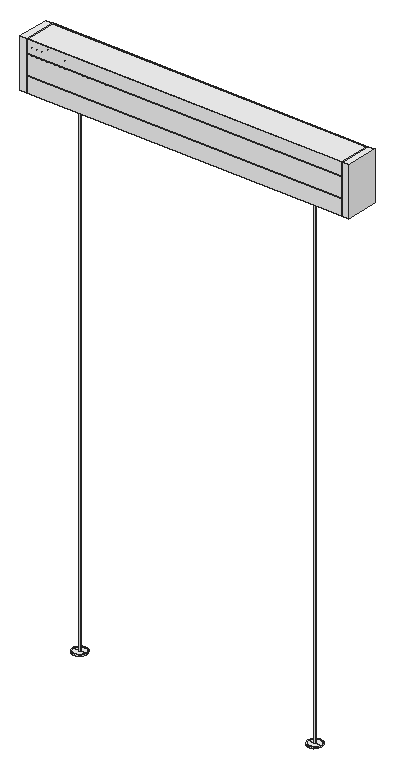
Revit family "2.3 inch  MAGIC WALL WASH LINEAR LIGHT", category Lighting Fixtures, host Face, Revit 2020 (continued)
Types (17): name | Wattage Comments | Wattage | Wall Mount | Suspenders Distance | Surface Mount | Recessed Mount | Photometric Web File | Pendent Mount | Order number | built-in parameter 1150142 | Model | built-in parameter 1150105 | Lumens | Light Source Height | Light Source Distance | built-in parameter 1150106 | Fixture Length
    5.52   774.35   \r\n 763.27   752.28   741.36   730.48   719.70   709.01   698.44   688.08   677.81   667.65   \r\n 657.58   647.74   638.05   628.45   618.92   609.47   600.14   590.90   581.73   572.65   \r\n 563.70   554.97   545.42   535.45   525.55   515.70   505.85   496.08   486.39   476.76   \r\n 467.22   457.87   448.57   439.34   430.17   421.06   412.03   403.07   394.18   385.35   \r\n 376.59   367.90   359.28   350.74   342.24   333.80   325.40   317.06   308.76   300.48   \r\n 292.41   284.47   276.58   268.73   260.93   253.18   245.50   237.86   230.27   222.71   \r\n 215.19   207.71   200.27   192.87   185.50   178.16   170.86   163.58   156.34   149.12   \r\n 141.94   134.78   127.64   120.53   113.45   106.39   101.50   97.30    93.12    88.96    \r\n 84.81    80.68    76.57    72.46    68.38    64.30    60.23    56.18    52.13    48.10    \r\n 44.07    40.05    36.04    32.03    28.03    24.04    20.04    16.06    12.07    8.08     \r\n 4.10     4.10     4.10     4.10     4.10     4.10     4.10     4.10     4.10     4.10     \r\n 4.10     4.10     4.10     4.10     4.10     4.10     4.10     4.10     4.10     4.10     \r\n 4.10     4.10     4.10     4.10     4.09     4.09     4.09     4.09     4.10     4.10     \r\n 4.10     4.09     4.09     4.09     4.09     4.08     4.08     4.07     4.06     4.06     \r\n 4.05     4.04     4.03     4.02     4.00     3.99     3.98     3.96     3.95     3.93     \r\n 3.91     3.90     3.89     3.89     3.88     3.88     3.88     3.88     3.88     3.88     \r\n 3.88     3.89     3.89     3.90     3.92     3.94     3.96     3.98     4.01     4.03     \r\n 4.06     4.10     4.14     4.19     4.23     4.27     4.32     4.37     4.41     4.47     \r\n 4.54     4.60     4.67     4.74     4.82     4.89     4.97     5.05     5.13     5.21     \r\n 5.30     5.37     5.45     5.53     5.61     5.68     5.75     5.81     5.88     5.94     \r\n 6.01     6.07     6.13     6.19     6.24     6.29     6.34     6.38     6.43     6.48     \r\n 6.50     6.48     6.46     6.44     6.42     6.40     6.38     6.36     6.34     6.32     \r\n 6.30     6.28     6.25     6.23     6.20     6.17     6.15     6.11     6.08     6.05     \r\n 6.01     5.98     5.95     5.93     5.90     5.86     5.83     5.79     5.76     5.73     \r\n 5.70     5.67     5.62     5.57     5.53     5.48     5.44     5.40     5.36     5.32     \r\n 5.28     5.24     5.20     5.17     5.13     5.09     5.05     5.02     4.98     4.95     \r\n 4.91     4.88     4.85     4.81     4.78     4.75     4.72     4.68     4.65     4.62     \r\n 4.59     4.56     4.53     4.50     4.47     4.44     4.41     4.37     4.34     4.30     \r\n 4.26     \r\n1793.11  1783.38  1773.66  1763.94  1754.22  1743.89  1733.57  1723.26  1712.96  1702.78  \r\n 1692.61  1682.45  1672.30  1661.85  1651.37  1640.89  1630.39  1619.84  1609.27  1598.69  \r\n 1588.10  1577.10  1566.09  1555.08  1544.10  1533.06  1522.06  1511.10  1500.19  1488.85  \r\n 1477.42  1466.01  1454.64  1443.23  1431.81  1417.88  1402.41  1386.68  1370.75  1354.91  \r\n 1339.17  1323.55  1308.06  1292.68  1277.40  1262.23  1247.24  1232.36  1217.60  1202.95  \r\n 1188.41  1173.98  1159.68  1145.51  1131.58  1117.86  1104.25  1090.74  1077.39  1064.53  \r\n 1051.79  1039.18  1026.70  1014.13  1001.55  989.07   976.69   964.51   952.16   939.12   \r\n 926.19   913.36   900.57   887.82   875.20   862.69   850.31   838.27   826.46   814.74   \r\n 803.12   791.59   780.17   768.89   757.73   746.70   735.79   725.04   714.41   703.88   \r\n 693.45   683.12   673.01   663.14   653.36   643.65   634.03   624.49   614.94   604.32   \r\n 593.48   582.72   572.04   561.48   551.08   540.76   530.52   520.35   510.25   500.24   \r\n 490.38   480.59   470.86   461.21   451.62   442.10   432.65   423.26   413.94   404.67   \r\n 395.46   386.32   377.23   368.23   359.32   350.45   341.63   332.90   324.48   316.10   \r\n 307.75   299.44   291.15   282.90   274.70   266.54   258.42   250.35   242.31   234.32   \r\n 226.37   218.45   210.57   202.73   194.91   187.13   179.37   171.65   163.95   156.28   \r\n 148.63   141.01   133.42   125.85   118.69   114.14   109.60   105.08   100.57   96.08    \r\n 91.60    87.14    82.68    78.24    73.82    69.40    64.99    60.59    56.20    51.82    \r\n 47.44    43.08    38.72    34.36    30.01    25.66    21.32    16.98    12.64    8.30     \r\n 3.96     3.96     3.96     3.96     3.96     3.96     3.96     3.96     3.96     3.96     \r\n 3.96     3.96     3.96     3.96     3.96     3.96     3.95     3.95     3.95     3.95     \r\n 3.95     3.94     3.94     3.94     3.93     3.93     3.92     3.91     3.89     3.87     \r\n 3.85     3.83     3.81     3.79     3.77     3.75     3.73     3.70     3.68     3.65     \r\n 3.62     3.60     3.58     3.56     3.54     3.52     3.50     3.49     3.47     3.45     \r\n 3.43     3.41     3.39     3.38     3.41     3.45     3.49     3.53     3.57     3.61     \r\n 3.65     3.69     3.73     3.77     3.81     3.85     3.90     3.94     3.98     4.03     \r\n 4.07     4.12     4.17     4.22     4.27     4.32     4.37     4.43     4.48     4.54     \r\n 4.59     4.65     4.71     4.79     4.86     4.93     5.00     5.08     5.15     5.21     \r\n 5.28     5.34     5.40     5.46     5.52     5.58     5.64     5.70     5.76     5.82     \r\n 5.88     5.94     5.99     6.05     6.10     6.16     6.22     6.27     6.32     6.36     \r\n 6.40     6.43     6.47     6.48     6.46     6.43     6.41     6.39     6.36     6.33     \r\n 6.30     6.26     6.23     6.20     6.17     6.15     6.12     6.08     6.04     6.00     \r\n 5.97     5.93     5.90     5.86     5.83     5.80     5.76     5.72     5.67     5.63     \r\n 5.59     5.55     5.50     5.46     5.42     5.37     5.33     5.29     5.25     5.22     \r\n 5.18     5.15     5.11     5.08     5.04     5.01     4.98     4.95     4.92     4.89     \r\n 4.86     4.82     4.79     4.76     4.73     4.70     4.68     4.65     4.62     4.59     \r\n 4.56     4.54     4.51     4.48     4.45     4.42     4.40     4.36     4.33     4.29     \r\n 4.26     \r\n1793.11  1784.37  1775.63  1766.89  1758.16  1749.29  1740.05  1730.82  1721.59  1712.38  \r\n 1703.22  1694.11  1685.02  1675.94  1666.88  1657.58  1648.21  1638.83  1629.44  1620.04  \r\n 1610.60  1601.14  1591.68  1582.20  1572.66  1562.87  1553.09  1543.33  1533.59  1523.86  \r\n 1514.16  1504.51  1494.90  1485.07  1470.87  1456.43  1442.05  1427.72  1413.44  1399.18  \r\n 1384.94  1370.76  1356.63  1342.57  1328.34  1314.01  1299.76  1285.60  1271.52  1257.57  \r\n 1243.74  1230.01  1216.37  1202.82  1189.40  1176.16  1163.03  1149.99  1137.05  1124.22  \r\n 1111.53  1098.95  1086.47  1074.11  1061.85  1049.75  1035.36  1021.10  1006.98  993.00   \r\n 979.22   965.88   952.66   939.55   926.56   913.68   900.85   888.08   875.46   862.98   \r\n 850.64   838.45   826.64   815.09   803.63   792.26   780.97   769.77   758.66   747.66   \r\n 736.76   725.96   715.25   704.63   694.12   683.78   673.00   661.40   649.90   638.47   \r\n 627.14   615.92   604.93   594.00   583.14   572.35   561.63   550.97   540.38   529.83   \r\n 519.35   508.95   498.61   488.34   478.15   468.02   457.96   448.01   438.11   428.27   \r\n 418.49   408.75   399.07   389.44   379.86   370.45   361.47   352.53   343.63   334.77   \r\n 325.95   317.16   308.42   299.71   291.04   282.41   273.82   265.26   256.74   248.25   \r\n 239.80   231.37   222.98   214.61   206.28   197.97   189.69   181.44   173.21   165.02   \r\n 156.84   148.69   140.56   133.40   128.47   123.56   118.65   113.77   108.89   104.03   \r\n 99.18    94.34    89.51    84.70    79.89    75.09    70.30    65.52    60.74    55.97    \r\n 51.21    46.46    41.71    36.96    32.22    27.48    22.75    18.01    13.28    8.55     \r\n 3.82     3.82     3.82     3.82     3.82     3.82     3.82     3.82     3.81     3.81     \r\n 3.81     3.81     3.81     3.80     3.80     3.80     3.80     3.79     3.79     3.79     \r\n 3.78     3.78     3.77     3.77     3.77     3.76     3.75     3.75     3.73     3.72     \r\n 3.70     3.68     3.67     3.65     3.64     3.62     3.61     3.59     3.58     3.57     \r\n 3.55     3.54     3.53     3.51     3.50     3.49     3.47     3.46     3.45     3.44     \r\n 3.43     3.42     3.41     3.40     3.39     3.38     3.42     3.46     3.51     3.56     \r\n 3.61     3.66     3.71     3.76     3.81     3.87     3.92     3.97     4.03     4.08     \r\n 4.13     4.19     4.24     4.30     4.36     4.42     4.47     4.53     4.59     4.65     \r\n 4.72     4.78     4.85     4.92     5.00     5.07     5.14     5.22     5.30     5.38     \r\n 5.46     5.54     5.61     5.68     5.74     5.80     5.87     5.92     5.98     6.02     \r\n 6.06     6.10     6.13     6.16     6.20     6.22     6.25     6.27     6.29     6.30     \r\n 6.32     6.34     6.36     6.37     6.39     6.40     6.37     6.33     6.28     6.24     \r\n 6.20     6.16     6.13     6.09     6.05     6.02     5.98     5.95     5.92     5.88     \r\n 5.85     5.81     5.78     5.74     5.70     5.66     5.63     5.58     5.54     5.50     \r\n 5.46     5.41     5.37     5.33     5.29     5.25     5.20     5.16     5.13     5.10     \r\n 5.07     5.04     5.01     4.98     4.96     4.93     4.90     4.87     4.84     4.82     \r\n 4.79     4.76     4.73     4.71     4.68     4.66     4.63     4.61     4.58     4.56     \r\n 4.53     4.51     4.48     4.46     4.43     4.41     4.38     4.35     4.32     4.29     \r\n 4.26     \r\n1793.11  1785.42  1777.73  1770.05  1762.37  1754.69  1746.95  1738.86  1730.78  1722.71  \r\n 1714.64  1706.59  1698.56  1690.60  1682.65  1674.71  1666.78  1658.86  1650.85  1642.66  \r\n 1634.46  1626.26  1618.05  1609.83  1601.60  1593.33  1585.07  1576.80  1568.52  1560.24  \r\n 1551.86  1543.40  1534.17  1521.14  1508.15  1495.19  1482.28  1469.44  1456.64  1443.88  \r\n 1431.17  1418.49  1405.75  1392.74  1379.78  1366.87  1354.00  1341.18  1328.40  1315.65  \r\n 1302.94  1290.29  1277.68  1265.13  1252.63  1240.07  1227.49  1214.99  1202.55  1190.18  \r\n 1177.89  1165.66  1153.61  1141.63  1127.37  1112.85  1098.44  1084.14  1069.97  1056.03  \r\n 1042.20  1028.49  1014.88  1001.38  987.99   974.71   961.54   948.47   935.50   922.63   \r\n 909.85   897.18   884.60   872.23   860.01   847.89   835.88   823.97   812.17   800.46   \r\n 788.86   777.46   766.15   754.93   743.18   730.74   718.38   706.11   693.92   681.89   \r\n 669.96   658.10   646.32   634.60   622.96   611.40   599.90   588.47   577.14   565.91   \r\n 554.74   543.65   532.62   521.66   510.77   499.94   489.18   478.48   467.82   457.19   \r\n 446.61   436.09   425.62   415.21   405.49   395.84   386.24   376.68   367.16   357.69   \r\n 348.29   338.93   329.60   320.31   311.05   301.82   292.63   283.46   274.32   265.21   \r\n 256.13   247.08   238.06   229.06   220.09   211.15   202.24   193.35   184.48   175.64   \r\n 166.82   158.01   150.14   144.79   139.45   134.12   128.81   123.51   118.22   112.94   \r\n 107.67   102.41   97.15    91.91    86.68    81.45    76.23    71.02    65.82    60.62    \r\n 55.42    50.23    45.05    39.87    34.69    29.51    24.34    19.17    14.00    8.84     \r\n 3.67     3.66     3.66     3.65     3.64     3.64     3.63     3.62     3.62     3.61     \r\n 3.60     3.59     3.59     3.58     3.57     3.56     3.55     3.55     3.54     3.53     \r\n 3.52     3.51     3.50     3.49     3.48     3.47     3.45     3.44     3.43     3.43     \r\n 3.42     3.42     3.42     3.41     3.41     3.41     3.41     3.41     3.41     3.41     \r\n 3.41     3.41     3.41     3.42     3.42     3.42     3.43     3.43     3.43     3.44     \r\n 3.45     3.45     3.46     3.47     3.48     3.49     3.50     3.51     3.57     3.64     \r\n 3.70     3.77     3.84     3.91     3.98     4.05     4.12     4.20     4.27     4.35     \r\n 4.43     4.51     4.60     4.68     4.75     4.83     4.91     4.99     5.06     5.14     \r\n 5.22     5.30     5.38     5.46     5.53     5.61     5.68     5.73     5.76     5.79     \r\n 5.82     5.84     5.87     5.89     5.91     5.94     5.96     5.98     6.00     6.03     \r\n 6.05     6.07     6.09     6.10     6.11     6.12     6.13     6.13     6.13     6.14     \r\n 6.13     6.13     6.13     6.13     6.13     6.13     6.13     6.12     6.10     6.07     \r\n 6.04     6.01     5.97     5.94     5.91     5.88     5.84     5.80     5.76     5.72     \r\n 5.68     5.64     5.60     5.56     5.53     5.49     5.45     5.41     5.37     5.33     \r\n 5.30     5.26     5.22     5.18     5.15     5.11     5.08     5.05     5.01     4.99     \r\n 4.96     4.94     4.91     4.89     4.86     4.84     4.81     4.79     4.77     4.74     \r\n 4.72     4.70     4.67     4.65     4.63     4.61     4.58     4.56     4.54     4.52     \r\n 4.50     4.47     4.45     4.43     4.41     4.38     4.36     4.33     4.31     4.29     \r\n 4.26     \r\n1793.11  1786.53  1779.95  1773.38  1766.81  1760.24  1753.67  1747.10  1740.45  1733.58  \r\n 1726.72  1719.87  1713.02  1706.17  1699.34  1692.51  1685.72  1678.97  1672.23  1665.50  \r\n 1658.78  1652.07  1645.37  1638.68  1631.83  1624.88  1617.94  1610.99  1604.04  1597.08  \r\n 1590.13  1583.17  1571.35  1559.51  1547.71  1535.95  1524.21  1512.52  1500.85  1489.22  \r\n 1477.53  1465.81  1454.12  1442.46  1430.83  1419.22  1407.65  1396.10  1384.61  1373.19  \r\n 1361.80  1350.44  1339.12  1327.83  1316.58  1305.36  1294.17  1282.80  1271.41  1260.06  \r\n 1248.75  1237.47  1225.39  1211.03  1196.76  1182.56  1168.44  1154.41  1140.46  1126.59  \r\n 1112.80  1099.09  1085.46  1071.91  1058.44  1044.98  1031.57  1018.24  1004.98  991.80   \r\n 978.70   965.67   952.72   939.84   927.04   914.38   901.83   889.36   876.96   864.63   \r\n 852.38   840.20   828.07   814.59   801.19   787.87   774.75   761.70   748.72   735.81   \r\n 722.97   710.20   697.49   684.86   672.29   659.78   647.34   634.97   622.63   610.36   \r\n 598.16   586.02   573.94   561.92   549.96   538.07   526.23   514.45   502.72   491.06   \r\n 479.44   467.91   456.79   446.48   436.20   425.96   415.75   405.57   395.43   385.31   \r\n 375.22   365.17   355.14   345.14   335.17   325.23   315.31   305.42   295.56   285.72   \r\n 275.91   266.12   256.36   246.61   236.89   227.18   217.50   207.83   198.18   188.55   \r\n 178.94   169.43   163.60   157.78   151.97   146.17   140.39   134.61   128.84   123.08   \r\n 117.33   111.59   105.86   100.13   94.41    88.70    82.99    77.29    71.59    65.90    \r\n 60.21    54.53    48.85    43.18    37.50    31.83    26.16    20.50    14.83    9.17     \r\n 3.50     3.48     3.46     3.44     3.42     3.40     3.38     3.36     3.34     3.32     \r\n 3.30     3.27     3.25     3.23     3.21     3.18     3.16     3.13     3.11     3.08     \r\n 3.06     3.03     3.01     2.98     2.95     2.92     2.89     2.86     2.83     2.80     \r\n 2.82     2.84     2.86     2.88     2.90     2.93     2.95     2.97     3.00     3.02     \r\n 3.05     3.08     3.11     3.14     3.18     3.22     3.25     3.29     3.33     3.36     \r\n 3.40     3.44     3.48     3.52     3.56     3.60     3.63     3.67     3.71     3.78     \r\n 3.85     3.93     4.00     4.08     4.15     4.23     4.30     4.38     4.46     4.53     \r\n 4.61     4.69     4.76     4.84     4.92     4.99     5.06     5.13     5.20     5.28     \r\n 5.35     5.42     5.49     5.56     5.63     5.70     5.77     5.84     5.91     5.92     \r\n 5.93     5.93     5.94     5.95     5.95     5.96     5.96     5.96     5.96     5.96     \r\n 5.96     5.96     5.96     5.96     5.96     5.96     5.95     5.95     5.94     5.93     \r\n 5.92     5.92     5.91     5.90     5.89     5.88     5.88     5.87     5.86     5.83     \r\n 5.80     5.76     5.73     5.69     5.66     5.62     5.59     5.55     5.52     5.48     \r\n 5.45     5.42     5.38     5.35     5.32     5.29     5.26     5.23     5.20     5.17     \r\n 5.14     5.11     5.08     5.05     5.02     4.98     4.95     4.92     4.89     4.86     \r\n 4.84     4.82     4.80     4.78     4.76     4.74     4.72     4.70     4.68     4.66     \r\n 4.64     4.62     4.61     4.59     4.57     4.55     4.53     4.51     4.49     4.47     \r\n 4.46     4.44     4.42     4.40   
      4.38     4.36     4.34     4.32     4.30     4.28     \r\n 4.26     \r\n1793.11  1787.69  1782.28  1776.86  1771.45  1766.03  1760.62  1755.22  1749.81  1744.40  \r\n 1739.00  1733.60  1728.11  1722.51  1716.92  1711.34  1705.76  1700.18  1694.61  1689.05  \r\n 1683.49  1677.94  1672.40  1666.86  1661.37  1655.89  1650.42  1644.96  1639.50  1634.06  \r\n 1628.62  1620.31  1609.73  1599.16  1588.61  1578.08  1567.40  1556.73  1546.10  1535.49  \r\n 1524.92  1514.37  1503.85  1493.36  1482.90  1472.47  1462.07  1451.70  1441.32  1430.94  \r\n 1420.59  1410.27  1399.97  1389.69  1379.45  1369.22  1359.02  1348.85  1338.70  1328.58  \r\n 1318.49  1307.43  1293.54  1279.71  1265.93  1252.21  1238.53  1224.91  1211.34  1197.82  \r\n 1184.36  1170.94  1157.58  1144.26  1131.00  1117.81  1104.66  1091.55  1078.49  1065.48  \r\n 1052.51  1039.59  1026.70  1013.87  1001.07  988.32   975.61   962.95   950.33   937.74   \r\n 925.16   912.41   898.23   884.11   870.03   856.01   842.04   828.12   814.25   800.42   \r\n 786.65   772.93   759.25   745.62   732.04   718.51   705.02   691.58   678.18   664.84   \r\n 651.53   638.27   625.05   611.88   598.74   585.65   572.60   559.58   546.61   533.67   \r\n 520.77   508.30   497.09   485.90   474.75   463.62   452.53   441.46   430.42   419.41   \r\n 408.45   397.50   386.58   375.68   364.80   353.95   343.12   332.30   321.51   310.74   \r\n 299.99   289.26   278.54   267.84   257.17   246.50   235.86   225.23   214.61   204.01   \r\n 193.43   185.23   178.88   172.53   166.19   159.86   153.54   147.22   140.92   134.61   \r\n 128.32   122.03   115.75   109.47   103.20   96.93    90.67    84.41    78.15    71.90    \r\n 65.65    59.41    53.17    46.93    40.69    34.45    28.22    21.99    15.75    9.52     \r\n 3.29     3.27     3.25     3.23     3.21     3.20     3.18     3.16     3.14     3.12     \r\n 3.10     3.08     3.06     3.04     3.02     3.00     2.99     2.97     2.95     2.93     \r\n 2.91     2.89     2.87     2.86     2.84     2.82     2.80     2.78     2.77     2.75     \r\n 2.76     2.81     2.86     2.92     2.97     3.02     3.07     3.13     3.18     3.23     \r\n 3.29     3.34     3.40     3.45     3.51     3.56     3.62     3.68     3.73     3.79     \r\n 3.85     3.91     3.97     4.02     4.07     4.13     4.18     4.23     4.29     4.34     \r\n 4.39     4.44     4.48     4.53     4.58     4.63     4.67     4.72     4.76     4.81     \r\n 4.85     4.90     4.94     4.99     5.03     5.08     5.12     5.17     5.22     5.26     \r\n 5.31     5.36     5.40     5.45     5.50     5.54     5.59     5.64     5.68     5.73     \r\n 5.74     5.74     5.74     5.74     5.74     5.73     5.73     5.73     5.73     5.72     \r\n 5.72     5.71     5.70     5.70     5.69     5.68     5.67     5.66     5.65     5.64     \r\n 5.63     5.62     5.61     5.60     5.59     5.58     5.56     5.55     5.54     5.53     \r\n 5.51     5.48     5.45     5.43     5.40     5.37     5.35     5.32     5.29     5.27     \r\n 5.24     5.21     5.19     5.16     5.13     5.11     5.08     5.05     5.03     5.00     \r\n 4.97     4.95     4.92     4.89     4.87     4.84     4.81     4.79     4.76     4.74     \r\n 4.71     4.70     4.68     4.67     4.65     4.64     4.62     4.61     4.59     4.58     \r\n 4.56     4.54     4.53     4.51     4.50     4.48     4.47     4.46     4.44     4.43     \r\n 4.41     4.40     4.38     4.36     4.35     4.33     4.32     4.30     4.29     4.28     \r\n 4.26     \r\n1793.11  1788.89  1784.68  1780.47  1776.25  1772.04  1767.83  1763.62  1759.41  1755.20  \r\n 1750.99  1746.79  1742.58  1738.38  1734.18  1729.98  1725.78  1721.58  1717.39  1713.19  \r\n 1709.00  1704.82  1700.63  1696.45  1692.18  1687.91  1683.64  1679.38  1675.12  1670.86  \r\n 1666.61  1657.64  1648.09  1638.56  1629.04  1619.54  1610.05  1600.57  1591.10  1581.65  \r\n 1572.21  1562.78  1553.37  1543.96  1534.58  1525.20  1515.84  1506.49  1497.14  1487.79  \r\n 1478.45  1469.12  1459.80  1450.49  1441.19  1431.89  1422.61  1413.33  1404.07  1394.81  \r\n 1385.56  1373.15  1360.02  1346.91  1333.81  1320.74  1307.68  1294.65  1281.63  1268.63  \r\n 1255.65  1242.68  1229.74  1216.82  1203.91  1191.02  1178.14  1165.29  1152.45  1139.63  \r\n 1126.83  1114.05  1101.29  1088.54  1075.81  1063.10  1050.40  1037.73  1025.07  1012.42  \r\n 999.80   985.58   970.93   956.30   941.70   927.12   912.57   898.03   883.52   869.04   \r\n 854.57   840.13   825.71   811.31   796.93   782.58   768.24   753.91   739.60   725.30   \r\n 711.04   696.79   682.57   668.37   654.20   640.04   625.91   611.80   597.70   583.63   \r\n 569.58   557.07   544.93   532.81   520.70   508.61   496.53   484.47   472.43   460.40   \r\n 448.38   436.38   424.40   412.42   400.46   388.52   376.59   364.67   352.76   340.86   \r\n 328.98   317.11   305.25   293.39   281.55   269.72   257.90   246.09   234.29   222.50   \r\n 210.72   203.24   196.30   189.36   182.43   175.50   168.58   161.65   154.74   147.82   \r\n 140.91   134.00   127.09   120.19   113.29   106.39   99.50    92.61    85.71    78.82    \r\n 71.94    65.05    58.17    51.28    44.40    37.52    30.64    23.76    16.88    10.00    \r\n 3.12     3.11     3.11     3.11     3.10     3.10     3.10     3.09     3.09     3.09     \r\n 3.08     3.08     3.07     3.07     3.07     3.06     3.06     3.06     3.05     3.05     \r\n 3.05     3.04     3.04     3.04     3.04     3.03     3.03     3.03     3.03     3.02     \r\n 3.03     3.08     3.13     3.19     3.24     3.29     3.35     3.40     3.45     3.51     \r\n 3.56     3.61     3.67     3.72     3.77     3.83     3.88     3.93     3.98     4.04     \r\n 4.09     4.14     4.19     4.25     4.30     4.35     4.40     4.46     4.51     4.56     \r\n 4.61     4.64     4.67     4.71     4.74     4.77     4.80     4.83     4.87     4.90     \r\n 4.93     4.96     4.99     5.02     5.05     5.09     5.12     5.15     5.18     5.21     \r\n 5.24     5.27     5.29     5.32     5.35     5.38     5.41     5.44     5.46     5.49     \r\n 5.51     5.50     5.50     5.49     5.48     5.47     5.46     5.45     5.44     5.43     \r\n 5.43     5.42     5.41     5.40     5.39     5.38     5.37     5.36     5.35     5.34     \r\n 5.33     5.32     5.31     5.30     5.29     5.28     5.26     5.25     5.24     5.23     \r\n 5.22     5.20     5.18     5.15     5.13     5.11     5.09     5.07     5.04     5.02     \r\n 5.00     4.98     4.96     4.94     4.91     4.89     4.87     4.85     4.83     4.81     \r\n 4.78     4.76     4.74     4.72     4.70     4.67     4.65     4.63     4.61     4.59     \r\n 4.57     4.56     4.54     4.53     4.52     4.51     4.50     4.49     4.48     4.47     \r\n 4.46     4.45     4.44     4.43     4.42     4.41     4.40     4.39     4.38     4.37     \r\n 4.36     4.35     4.34     4.33     4.32     4.31     4.30     4.29     4.28     4.27     \r\n 4.26     \r\n1793.11  1790.13  1787.15  1784.17  1781.19  1778.20  1775.22  1772.24  1769.26  1766.28  \r\n 1763.30  1760.32  1757.34  1754.36  1751.38  1748.40  1745.42  1742.44  1739.46  1736.48  \r\n 1733.49  1730.51  1727.53  1724.55  1721.57  1718.59  1715.61  1712.63  1709.65  1706.67  \r\n 1703.69  1695.24  1686.79  1678.34  1669.89  1661.44  1652.99  1644.54  1636.08  1627.63  \r\n 1619.18  1610.73  1602.28  1593.83  1585.38  1576.93  1568.48  1560.03  1551.58  1543.13  \r\n 1534.68  1526.23  1517.78  1509.33  1500.88  1492.43  1483.98  1475.53  1467.08  1458.63  \r\n 1450.18  1437.66  1425.14  1412.62  1400.10  1387.59  1375.07  1362.55  1350.03  1337.51  \r\n 1324.99  1312.47  1299.96  1287.44  1274.92  1262.40  1249.88  1237.36  1224.85  1212.33  \r\n 1199.81  1187.29  1174.77  1162.25  1149.73  1137.22  1124.70  1112.18  1099.66  1087.14  \r\n 1074.62  1059.58  1044.53  1029.48  1014.43  999.38   984.34   969.29   954.24   939.19   \r\n 924.15   909.10   894.05   879.00   863.95   848.91   833.86   818.81   803.76   788.72   \r\n 773.67   758.62   743.57   728.52   713.48   698.43   683.38   668.33   653.28   638.24   \r\n 623.19   610.10   597.01   583.92   570.83   557.75   544.66   531.57   518.48   505.39   \r\n 492.30   479.21   466.12   453.03   439.95   426.86   413.77   400.68   387.59   374.50   \r\n 361.41   348.32   335.24   322.15   309.06   295.97   282.88   269.79   256.70   243.61   \r\n 230.53   222.94   215.36   207.77   200.19   192.60   185.02   177.43   169.85   162.26   \r\n 154.68   147.09   139.51   131.92   124.34   116.75   109.17   101.58   94.00    86.41    \r\n 78.83    71.24    63.66    56.07    48.49    40.91    33.32    25.74    18.15    10.57    \r\n 2.98     2.99     3.01     3.02     3.03     3.04     3.06     3.07     3.08     3.09     \r\n 3.11     3.12     3.13     3.14     3.16     3.17     3.18     3.19     3.21     3.22     \r\n 3.23     3.24     3.26     3.27     3.28     3.29     3.31     3.32     3.33     3.34     \r\n 3.36     3.40     3.44     3.47     3.51     3.55     3.59     3.63     3.67     3.71     \r\n 3.75     3.79     3.83     3.87     3.91     3.95     3.99     4.03     4.06     4.10     \r\n 4.14     4.18     4.22     4.26     4.30     4.34     4.38     4.42     4.46     4.50     \r\n 4.54     4.56     4.58     4.60     4.62     4.64     4.66     4.69     4.71     4.73     \r\n 4.75     4.77     4.79     4.81     4.83     4.86     4.88     4.90     4.92     4.94     \r\n 4.96     4.98     5.00     5.03     5.05     5.07     5.09     5.11     5.13     5.15     \r\n 5.17     5.16     5.16     5.15     5.14     5.13     5.12     5.11     5.10     5.10     \r\n 5.09     5.08     5.07     5.06     5.05     5.04     5.04     5.03     5.02     5.01     \r\n 5.00     4.99     4.98     4.97     4.97     4.96     4.95     4.94     4.93     4.92     \r\n 4.91     4.90     4.88     4.86     4.84     4.83     4.81     4.79     4.77     4.76     \r\n 4.74     4.72     4.70     4.69     4.67     4.65     4.63     4.62     4.60     4.58     \r\n 4.56     4.55     4.53     4.51     4.49     4.48     4.46     4.44     4.42     4.41     \r\n 4.39     4.39     4.38     4.38     4.37     4.37     4.36     4.36     4.36     4.35     \r\n 4.35     4.34     4.34     4.33     4.33     4.33     4.32     4.32     4.31     4.31     \r\n 4.30     4.30     4.30     4.29     4.29     4.28     4.28     4.27     4.27     4.27     \r\n 4.26     \r\n" | "MAG1223-SW1-WM-WID-FDL" | 366.06 (stored number, unit not read) | 4600 lm | 0' - 1 1/2" | 0' - 3" | 3.6606 (stored number, unit not read) | 3' - 11 23/32"
  MAG2423-SW1-WM-WID-FDL | "40W/60W/80W" | 61.9354 W | yes | 7' - 4 133/256" | no | no | "generic" | no | "18369" | (empty or 0) | "MAG2423-SW1-WM-WID-FDL" | 732.11 (stored number, unit not read) | 9200 lm | 0' - 1 1/2" | 0' - 3" | 7.3211 (stored number, unit not read) | 7' - 11 61/256"
  MAG0623-SW1-RSM-WD-FDL | "10W/15W/20W" | 15.4838 W | no | 1' - 4 251/256" | no | yes | "generic" | no | "18378" | (empty or 0) | "MAG0623-SW1-RSM-WD-FDL" | 183.03 (stored number, unit not read) | 2300 lm | 0' - 0" | 0' - 0" | 1.8303 (stored number, unit not read) | 1' - 11 179/256"
  MAG0923-SW1-RSM-WD-FDL | "15W/20W/30W" | 23.2258 W | no | 2' - 4 127/128" | no | yes | "generic" | no | "18379" | (empty or 0) | "MAG0923-SW1-RSM-WD-FDL" | 274.54 (stored number, unit not read) | 3450 lm | 0' - 0" | 0' - 0" | 2.7454 (stored number, unit not read) | 2' - 11 91/128"
